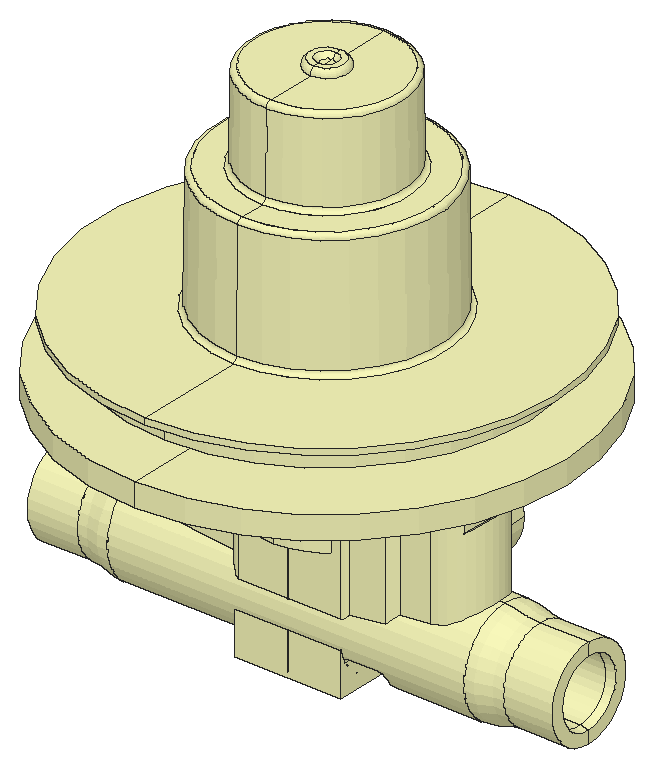
Revit family "S261BODY_ZV-1967", category Plumbing Fixtures, host Face, Revit 2019
Family settings
  Host = Face
  Round Connector Dimension = Use Diameter
  Part Type = Normal
  OmniClass Number = 23.65.55.00
  OmniClass Title = Distribution of Supplied Liquids/Gases
  Cut with Voids When Loaded = No
  Shared = No
  Room Calculation Point = No
Parameters (values of type "Satin Nickel")
  zz Text 2 = "None Selected"
  zz Text 1 = "None Selected"
  zz Length 9 [instance] = 4.000"  # constant formula
  zz Length 10 [instance] = 0.100"
  URL = "http://www.symmons.com/"
  Product Page URL = "http://www.symmons.com/Bathroom-Products/Dia/Symmons-Dia-Shower-Valve-3500-CYL-B.aspx"
  Product Material = Nickel - Symmons - Satin
  Product Documentation Link = "http://www.symmons.com/~/media/Files/Symmons/Products/Dia/3500CYL_Dia_sub.pdf"
  Part Number [instance] = Model  # "3500-CYL-B-STN"
  Part Description [instance] = Description  # "Shower Valve System with Symmons Temptrol mixing valve, Satin Nickel"
  Model Disclaimer = "Contact Symmons Industries, Inc. For More Information"  # constant formula
  Model = "3500-CYL-B-STN"
  Manufacturer = "Symmons Industries, Inc."  # constant formula
  Family Version = "1.0"  # constant formula
  Equipment Number [instance] = ""
  Equipment Abbreviation = "SVS"
  Description = "Shower Valve System with Symmons Temptrol mixing valve, Satin Nickel"
  Default Elevation = 32.000"  # constant formula
  Date Modified = "January 30, 2015"  # constant formula
  Date Created = "January 30, 2015"  # constant formula
  Copyright = "©2015 Symmons Industries, Inc."  # constant formula
Types (2): name | Product Material | Part Number | Part Description | Model | Description
  Chrome | Chrome - Symmons - Polished | "3500-CYL-B" | "Shower Valve System with Symmons Temptrol mixing valve,Chrome" | "3500-CYL-B" | "Shower Valve System with Symmons Temptrol mixing valve,Chrome"
  Satin Nickel | Nickel - Symmons - Satin | "3500-CYL-B-STN" | "Shower Valve System with Symmons Temptrol mixing valve, Satin Nickel" | "3500-CYL-B-STN" | "Shower Valve System with Symmons Temptrol mixing valve, Satin Nickel"
Reference planes (in)
  plane 1 "Center (Front/Back)": y = 0
  plane 2 "Center (Elevation)": z = 0
  plane 3 "Center (Left/Right)": x = 0
  plane 4: x = -2
  plane 5: y = 3.75
  plane 6: y = -3.75
  plane 7: x = 2
  plane 8: z = 0
  plane 9: x = 0.28006
  plane 10: x = -0.28006
  plane 11: y = -5.75
Forms (in)
  Revolve 1, solid, material "Nickel - Symmons - Satin" <- "Product Material"
    sketch origin (0, 0, 0) x (0, 1, 0) y (0, 0, 1)
      loop
        line (0, 2.21646) -> (-0.06803, 2.21646) -> (-0.11007, 2.2585) -> (-0.16644, 2.2585)
        spline (-0.16644, 2.2585) -> (-0.17219, 2.25393) -> (-0.17745, 2.24916) -> (-0.1822, 2.24419) -> (-0.18645, 2.23901) -> (-0.1902, 2.23363) -> (-0.19345, 2.22805) -> (-0.1962, 2.22226) -> (-0.19845, 2.21627) -> (-0.20021, 2.21008) -> (-0.20146, 2.20368) -> (-0.20221, 2.19708) -> (-0.20246, 2.19028)
        line (-0.20246, 2.19028) -> (-0.70043, 2.19028)
        arc (-0.70043, 2.19028) -> (-0.73555, 2.17573) -> (-0.7501, 2.14061) r 0.04967
        line (-0.7501, 2.14061) -> (-0.75627, 1.36063)
        arc (-0.75627, 1.36063) -> (-0.76874, 1.32795) -> (-0.79876, 1.31) r 0.05341
        line (-0.79876, 1.31) -> (-1.05243, 1.31)
        arc (-1.05243, 1.31) -> (-1.08764, 1.29542) -> (-1.10222, 1.26022) r 0.04978
        line (-1.10222, 1.26022) -> (-1.11339, 0.10988)
        arc (-1.11339, 0.10988) -> (-1.12597, 0.07687) -> (-1.15702, 0.06) r 0.05089
        line (-1.15702, 0.06) -> (-2.25, 0.06) -> (-2.25, 0) -> (-2, 0) -> (-2, -0.25) -> (-0.78161, -0.25) -> (-0.78161, -0.4561) -> (-2.375, -0.4561) -> (-2.375, -0.6861) -> (-1.27892, -0.6861) -> (-1.27892, -1.0061) -> (-0.65331, -1.0061) -> (-0.65331, -1.7561) -> (-0.48861, -1.82677) -> (-0.48861, -2.96527) -> (0, -2.96527) -> (0, 2.21646)
      axis (0, -2.96527) -> (0, 2.2585)
    angle from 0 to 360
  Revolve 2, solid, material "Nickel - Symmons - Satin" <- "Product Material"
    sketch origin (0, 0, 0) x (1, 0, 0) y (0, 0, 1)
      loop
        line (2.02835, -2.45527) -> (-2.04115, -2.45527) -> (-2.04115, -2.76977) -> (-2.52165, -2.76977) -> (-2.60115, -2.78522) -> (-2.60115, -2.90566) -> (-2.10994, -2.90566)
        spline (-2.10994, -2.90566) -> (-2.07152, -2.90678) -> (-2.03836, -2.90988) -> (-2.00943, -2.91457) -> (-1.98368, -2.92049) -> (-1.96006, -2.92724) -> (-1.93754, -2.93444) -> (-1.91507, -2.94171) -> (-1.89161, -2.94863) -> (-1.86611, -2.95475) -> (-1.83753, -2.95966) -> (-1.80484, -2.96293) -> (-1.76698, -2.96411)
        line (-1.76698, -2.96411) -> (1.75917, -2.96411)
        spline (1.75917, -2.96411) -> (1.79703, -2.96293) -> (1.82972, -2.95966) -> (1.8583, -2.95475) -> (1.8838, -2.94863) -> (1.90726, -2.94171) -> (1.92973, -2.93444) -> (1.95225, -2.92724) -> (1.97587, -2.92049) -> (2.00162, -2.91457) -> (2.03055, -2.90988) -> (2.06371, -2.90678) -> (2.10213, -2.90566)
        line (2.10213, -2.90566) -> (2.58835, -2.90566) -> (2.58835, -2.78522) -> (2.50884, -2.76977) -> (2.02835, -2.76977) -> (2.02835, -2.45527)
      axis (2.58835, -2.45527) -> (-2.60115, -2.45527)
    angle from 0 to 360
  Extrusion 3, void
    sketch origin (0, 0, 0) x (1, 0, 0) y (0, 0, 1)
      loop
        arc (0.93457, -2.72389) -> (0.91633, -2.67984) -> (0.87227, -2.66159) r 0.0623
        line (0.87227, -2.66159) -> (0.58472, -2.66159)
        arc (0.58472, -2.66159) -> (0.54184, -2.67935) -> (0.52408, -2.72223) r 0.06064
        line (0.52408, -2.72223) -> (0.52408, -3.21367) -> (0.99621, -3.21367) -> (0.99621, -2.97122)
        arc (0.99621, -2.97122) -> (0.95263, -2.95317) -> (0.93457, -2.90958) r 0.06164
        line (0.93457, -2.90958) -> (0.93457, -2.72389)
    from -0.82252 to 0.94587
  Revolve 4, solid, material "Nickel - Symmons - Satin" <- "Product Material"
    sketch origin (0, 0, -2.45527) x (1, 0, 0) y (0, 1, 0)
      loop
        line (-0.32837, 1.84335) -> (-0.46704, 1.84335) -> (-0.52802, 0.48861) -> (0, 0.48861) -> (0, 1.28335) -> (-0.3145, 1.28335) -> (-0.3145, 1.76466) -> (-0.32837, 1.84335)
      axis (0, 0.48861) -> (0, 1.84335)
    angle from 0 to 360
  Extrusion 5, solid, material "Nickel - Symmons - Satin" <- "Product Material"
    sketch origin (0, 0, 0) x (1, 0, 0) y (0, 1, 0)
      loop
        line (0.52451, 0.48861) -> (-0.52451, 0.48861) -> (-0.52451, -0.48861) -> (0.52451, -0.48861) -> (0.52451, 0.48861)
    from -3.01944 to -2.50607
  Extrusion 6, solid, material "Nickel - Symmons - Satin" <- "Product Material"
    sketch origin (0, 0, 0) x (0, 1, 0) y (0, 0, 1)
      loop
        spline (1.12907, -1.24948) -> (1.12122, -1.19041) -> (1.10873, -1.13601) -> (1.0916, -1.08628) -> (1.06983, -1.04122) -> (1.04341, -1.00084) -> (1.01235, -0.96512) -> (0.97665, -0.93407) -> (0.9363, -0.9077) -> (0.89131, -0.88599) -> (0.84168, -0.86896) -> (0.7874, -0.85659) -> (0.72849, -0.8489)
        line (0.72849, -0.8489) -> (0.48861, -0.8489) -> (0.48861, -2.18107) -> (1.18094, -2.18107)
        arc (1.18094, -2.18107) -> (1.14239, -2.10916) -> (1.12907, -2.02867) r 0.24979
        line (1.12907, -2.02867) -> (1.12907, -1.24948)
    from -0.44846 to 0.41835
  Extrusion 7, solid, material "Nickel - Symmons - Satin" <- "Product Material"
    sketch origin (0, 0, 0) x (1, 0, 0) y (0, 1, 0)
      loop
        arc (-1.36, 0.35575) -> (-1.71575, 0) -> (-1.36, -0.35575) r 0.35575
        line (-1.36, -0.35575) -> (-0.58109, -0.39657)
        arc (-0.58109, -0.39657) -> (-0.54948, -0.45911) -> (-0.48592, -0.48861) r 0.10683
        line (-0.48592, -0.48861) -> (0.52451, -0.48861)
        arc (0.52451, -0.48861) -> (0.55902, -0.48425) -> (0.59137, -0.47142) r 0.13855
        line (0.59137, -0.47142) -> (0.93948, -0.45317) -> (1.03901, -0.3957) -> (1.33, -0.38045)
        arc (1.33, -0.38045) -> (1.71045, 0) -> (1.33, 0.38045) r 0.38045
        line (1.33, 0.38045) -> (1.03901, 0.3957) -> (0.93948, 0.45317) -> (0.59137, 0.47142)
        arc (0.59137, 0.47142) -> (0.55902, 0.48425) -> (0.52451, 0.48861) r 0.13855
        line (0.52451, 0.48861) -> (-0.48592, 0.48861)
        arc (-0.48592, 0.48861) -> (-0.54948, 0.45911) -> (-0.58109, 0.39657) r 0.10683
        line (-0.58109, 0.39657) -> (-1.36, 0.35575)
    from -2.50607 to -0.6861
  Extrusion 8, void
    sketch origin (0, 0, 0) x (1, 0, 0) y (0, 0, 1)
      loop
        line (-0.94512, -1.3103) -> (-0.94512, -1.3945)
        arc (-0.94512, -1.3945) -> (-0.92757, -1.43687) -> (-0.8852, -1.45442) r 0.05992
        line (-0.8852, -1.45442) -> (-0.70999, -1.45442)
        arc (-0.70999, -1.45442) -> (-0.67066, -1.43813) -> (-0.65436, -1.39879) r 0.05563
        line (-0.65436, -1.39879) -> (-0.65436, -1.0061) -> (-1.03448, -1.0061) -> (-1.03448, -1.26752)
        arc (-1.03448, -1.26752) -> (-0.97632, -1.26076) -> (-0.94512, -1.3103) r 0.05492
    from -0.53945 to 0.69208
  Extrusion 9, solid, material "Nickel - Symmons - Satin" <- "Product Material"
    sketch origin (-0.09375, -0.34375, 0) x (0.969274, -0.245985, 0) y (0, 0, 1)
      loop
        line (-1.55248, -0.6861) -> (-2.29197, -0.6861) -> (-1.55248, -1.31139) -> (-1.55248, -0.6861)
    from -0.24314 to -0.18365
  Extrusion 10, solid, material "Nickel - Symmons - Satin" <- "Product Material"
    sketch origin (-0.09375, 0.34375, 0) x (0.969274, 0.245985, 0) y (0, 0, -1)
      loop
        line (-1.55248, 0.6861) -> (-1.55248, 1.31139) -> (-2.29197, 0.6861) -> (-1.55248, 0.6861)
    from -0.24314 to -0.18365
  Extrusion 11, solid, material "Nickel - Symmons - Satin" <- "Product Material"
    sketch origin (0.09375, -0.34375, 0) x (-0.969274, -0.245985, 0) y (0, 0, -1)
      loop
        line (-1.55248, 0.6861) -> (-1.55248, 1.31139) -> (-2.29197, 0.6861) -> (-1.55248, 0.6861)
    from -0.24314 to -0.18365
  Extrusion 12, solid, material "Nickel - Symmons - Satin" <- "Product Material"
    sketch origin (0.09375, 0.34375, 0) x (-0.969274, 0.245985, 0) y (0, 0, 1)
      loop
        line (-1.55248, -0.6861) -> (-2.29197, -0.6861) -> (-1.55248, -1.31139) -> (-1.55248, -0.6861)
    from -0.24314 to -0.18365
  Extrusion 13, solid, material "Nickel - Symmons - Satin" <- "Product Material"
    sketch origin (0, 0, 0) x (1, 0, 0) y (0, 0, 1)
      loop
        line (0.5189, -2.553) -> (1.00281, -2.553)
        arc (1.00281, -2.553) -> (1.04164, -2.53691) -> (1.05773, -2.49808) r 0.05492
        line (1.05773, -2.49808) -> (1.05773, -2.41246)
        arc (1.05773, -2.41246) -> (1.04164, -2.37362) -> (1.00281, -2.35754) r 0.05492
        line (1.00281, -2.35754) -> (0.5189, -2.35754)
        arc (0.5189, -2.35754) -> (0.52802, -2.45527) -> (0.5189, -2.553) r 0.52802
      loop
        arc (-0.5189, -2.553) -> (-0.52802, -2.45527) -> (-0.5189, -2.35754) r 0.52802
        line (-0.5189, -2.35754) -> (-1.00281, -2.35754)
        arc (-1.00281, -2.35754) -> (-1.04164, -2.37362) -> (-1.05773, -2.41246) r 0.05492
        line (-1.05773, -2.41246) -> (-1.05773, -2.49808)
        arc (-1.05773, -2.49808) -> (-1.04164, -2.53691) -> (-1.00281, -2.553) r 0.05492
        line (-1.00281, -2.553) -> (-0.5189, -2.553)
    from -0.88244 to -0.49553
  Extrusion 14, void
    sketch origin (0, 0, 0) x (1, 0, 0) y (0, 1, 0)
      loop
        circle (-0.8499, 0.73145) r 0.08989
      loop
        circle (0.8499, 0.73145) r 0.08989
    from -2.66159 to -2.18107
Cuts and joins
  Extrusion 3 cuts Revolve 2
  Extrusion 8 cuts Extrusion 7
  joined: Revolve 2, Extrusion 6, Extrusion 7, Extrusion 9, Extrusion 10, Extrusion 11, Extrusion 12
  Extrusion 14 cuts Extrusion 13
Lines and regions (in)
  model lines
    curve 1: line (0, -2.30436, 0) -> (0, 2.30436, 0)
Dimensions and locks (in)
  equal spacing: plane 4, plane 3 "Center (Left/Right)", plane 7
  "zz Length 9": plane 4 to plane 7
  equal spacing: plane 5, plane 1 "Center (Front/Back)", plane 6
  locked: plane 5 to plane 6 at 7.5
  equal spacing: plane 10, plane 3 "Center (Left/Right)", plane 9
  locked: plane 10 to plane 9 at 0.56011
  locked: plane 6 to plane 11 at 2
  aligned and locked: plane 2 "Center (Elevation)" to host face
  aligned and locked: level to host face
Automatic sketch dimensions
  curve 1 to plane 3 "Center (Left/Right)" = 0.000"
  plane 6 to curve 1 = 1.44564"
  curve 1 to plane 5 = 1.44564"
  host sketch curve to host sketch curve = 4.000"  (x2)
  Revolve 1 sketch curve to level = 0.000"
  Revolve 1 sketch curve to plane 1 "Center (Front/Back)" = 0.000"  (x2)
  plane 1 "Center (Front/Back)" to Revolve 1 sketch curve = 0.06803"
  Revolve 1 sketch curve to Revolve 1 sketch curve = 0.04204"
  Revolve 1 sketch curve to Revolve 1 sketch curve = 0.05637"
  Revolve 1 sketch curve to Revolve 1 sketch curve = 0.03602"
  plane 1 "Center (Front/Back)" to Revolve 1 sketch curve = 0.48861"
  Revolve 1 sketch curve to Revolve 1 sketch curve = 0.16469"
  Revolve 1 sketch curve to Revolve 1 sketch curve = 0.49797"
  Revolve 1 sketch curve to Revolve 1 sketch curve = 0.04967"
  plane 1 "Center (Front/Back)" to Revolve 1 sketch curve = 0.75627"
  Revolve 1 sketch curve to level = 0.250"
  Revolve 1 sketch curve to Revolve 1 sketch curve = 0.12831"
  Revolve 1 sketch curve to Revolve 1 sketch curve = 0.04249"
  Revolve 1 sketch curve to Revolve 1 sketch curve = 0.01089"
  Revolve 1 sketch curve to Revolve 1 sketch curve = 0.25367"
  Revolve 1 sketch curve to Revolve 1 sketch curve = 0.04978"
  level to Revolve 1 sketch curve = 0.10988"
  Revolve 1 sketch curve to Revolve 1 sketch curve = 0.33177"
  Revolve 1 sketch curve to Revolve 1 sketch curve = 0.04363"
  Revolve 1 sketch curve to Revolve 1 sketch curve = 0.05089"
  Revolve 1 sketch curve to Revolve 1 sketch curve = 0.62562"
  Revolve 1 sketch curve to Revolve 1 sketch curve = 0.72108"
  Revolve 1 sketch curve to Revolve 1 sketch curve = 0.250"  (x2)
  Revolve 1 sketch curve to Revolve 1 sketch curve = 0.375"
  Revolve 1 sketch curve to Revolve 1 sketch curve = 0.2061"
  Revolve 1 sketch curve to Revolve 1 sketch curve = 0.230"
  Revolve 1 sketch curve to Revolve 1 sketch curve = 0.550"
  Revolve 1 sketch curve to Revolve 1 sketch curve = 0.750"
  Revolve 1 sketch curve to Revolve 1 sketch curve = 0.07067"
  Revolve 1 sketch curve to Revolve 1 sketch curve = 1.13849"
  level to Revolve 1 sketch curve = 0.060"
  Revolve 1 sketch curve to Revolve 1 sketch curve = 1.15034"
  Revolve 1 sketch curve to Revolve 1 sketch curve = 0.05063"
  Revolve 1 sketch curve to Revolve 1 sketch curve = 0.77997"
  Revolve 1 sketch curve to Revolve 1 sketch curve = 0.02618"
  Revolve 1 sketch curve to Revolve 1 sketch curve = 0.06822"
  Revolve 1 sketch curve to Revolve 1 sketch curve = 0.06846"
  plane 9 to Extrusion 3 sketch curve = 0.24402"
  Extrusion 3 sketch curve to Extrusion 3 sketch curve = 0.06064"
  Extrusion 3 sketch curve to Extrusion 3 sketch curve = 0.28755"
  Extrusion 3 sketch curve to Extrusion 3 sketch curve = 0.0623"
  Extrusion 3 sketch curve to Extrusion 3 sketch curve = 0.06164"
  Extrusion 3 sketch curve to level = 3.21367"
  Extrusion 3 sketch curve to Extrusion 3 sketch curve = 0.24245"
  Extrusion 3 sketch curve to Extrusion 3 sketch curve = 0.18569"
  Revolve 4 sketch curve to plane 3 "Center (Left/Right)" = 0.000"  (x2)
  Revolve 4 sketch curve to plane 10 = 0.03444"
  Revolve 4 sketch curve to plane 10 = 0.04832"
  Revolve 4 sketch curve to Revolve 4 sketch curve = 0.13867"
  Revolve 4 sketch curve to plane 10 = 0.24797"
  Revolve 4 sketch curve to plane 1 "Center (Front/Back)" = 0.48861"
  Revolve 4 sketch curve to Revolve 4 sketch curve = 0.79473"
  Revolve 4 sketch curve to Revolve 4 sketch curve = 0.48132"
  Revolve 4 sketch curve to Revolve 4 sketch curve = 0.07868"
  Revolve 4 sketch curve to Revolve 4 sketch curve = 0.2968"
  Revolve 4 sketch curve to Revolve 4 sketch curve = 0.07469"
  Extrusion 5 sketch curve to plane 10 = 0.24445"
  plane 9 to Extrusion 5 sketch curve = 0.24445"
  plane 1 "Center (Front/Back)" to Extrusion 5 sketch curve = 0.48861"
  Extrusion 5 sketch curve to plane 1 "Center (Front/Back)" = 0.48861"
  Extrusion 6 sketch curve to plane 1 "Center (Front/Back)" = 0.48861"
  Extrusion 6 sketch curve to Extrusion 6 sketch curve = 0.23987"
  Extrusion 6 sketch curve to Extrusion 6 sketch curve = 0.64045"
  Extrusion 6 sketch curve to Extrusion 6 sketch curve = 0.05188"
  Extrusion 6 sketch curve to Extrusion 6 sketch curve = 0.19792"
  Extrusion 6 sketch curve to level = 2.18107"
  Extrusion 6 sketch curve to Extrusion 6 sketch curve = 0.77919"
  Extrusion 6 sketch curve to Extrusion 6 sketch curve = 0.40058"
  plane 1 "Center (Front/Back)" to Extrusion 7 sketch curve = 0.000"  (x2)
  Extrusion 7 sketch curve to plane 1 "Center (Front/Back)" = 0.35575"
  Extrusion 7 sketch curve to plane 10 = 1.07994"
  Extrusion 7 sketch curve to plane 10 = 0.30104"  (x2)
  Extrusion 7 sketch curve to Extrusion 7 sketch curve = 0.09517"  (x2)
  Extrusion 7 sketch curve to Extrusion 7 sketch curve = 0.01071"
  Extrusion 7 sketch curve to Extrusion 7 sketch curve = 0.10588"
  plane 9 to Extrusion 7 sketch curve = 0.24445"  (x2)
  Extrusion 7 sketch curve to Extrusion 7 sketch curve = 0.06686"  (x2)
  Extrusion 7 sketch curve to Extrusion 7 sketch curve = 0.34811"  (x2)
  Extrusion 7 sketch curve to Extrusion 7 sketch curve = 0.09954"  (x2)
  Extrusion 7 sketch curve to plane 1 "Center (Front/Back)" = 0.38045"
  Extrusion 7 sketch curve to Extrusion 7 sketch curve = 0.29099"
  plane 1 "Center (Front/Back)" to Extrusion 7 sketch curve = 0.38232"
  Extrusion 7 sketch curve to Extrusion 7 sketch curve = 0.01525"  (x2)
  Extrusion 7 sketch curve to Extrusion 7 sketch curve = 0.01425"  (x2)
  Extrusion 7 sketch curve to Extrusion 7 sketch curve = 0.05747"  (x2)
  Extrusion 7 sketch curve to Extrusion 7 sketch curve = 0.0172"
  Extrusion 7 sketch curve to plane 1 "Center (Front/Back)" = 0.35006"
  Extrusion 7 sketch curve to plane 1 "Center (Front/Back)" = 0.38232"
  Extrusion 8 sketch curve to plane 10 = 0.75443"
  Extrusion 8 sketch curve to Extrusion 8 sketch curve = 0.03444"
  Extrusion 8 sketch curve to Extrusion 8 sketch curve = 0.05492"
  Extrusion 8 sketch curve to Extrusion 8 sketch curve = 0.05992"
  Extrusion 8 sketch curve to Extrusion 8 sketch curve = 0.1752"
  Extrusion 8 sketch curve to plane 10 = 0.37431"
  Extrusion 8 sketch curve to level = 1.45442"
  Extrusion 8 sketch curve to Extrusion 8 sketch curve = 0.0842"
  Extrusion 8 sketch curve to Extrusion 8 sketch curve = 0.26142"
  Extrusion 9 sketch curve to level = 0.6861"
  Extrusion 9 sketch curve to level = 1.31139"
  Extrusion 9 sketch curve to Extrusion 9 sketch curve = 0.73949"
  Extrusion 10 sketch curve to level = 0.6861"
  Extrusion 10 sketch curve to level = 1.31139"
  Extrusion 10 sketch curve to Extrusion 10 sketch curve = 0.73949"
  Extrusion 11 sketch curve to level = 0.6861"
  Extrusion 11 sketch curve to level = 1.31139"
  Extrusion 11 sketch curve to Extrusion 11 sketch curve = 0.73949"
  Extrusion 12 sketch curve to level = 0.6861"
  Extrusion 12 sketch curve to level = 1.31139"
  Extrusion 12 sketch curve to Extrusion 12 sketch curve = 0.73949"
  Revolve 2 sketch curve to plane 4 = 0.60115"
  Revolve 2 sketch curve to Revolve 2 sketch curve = 0.07951"  (x2)
  Revolve 2 sketch curve to Revolve 2 sketch curve = 0.41171"
  Revolve 2 sketch curve to Revolve 2 sketch curve = 0.06879"
  Revolve 2 sketch curve to Revolve 2 sketch curve = 0.27417"
  plane 9 to Revolve 2 sketch curve = 1.47911"
  Revolve 2 sketch curve to Revolve 2 sketch curve = 0.26918"
  Revolve 2 sketch curve to Revolve 2 sketch curve = 0.07378"
  Revolve 2 sketch curve to Revolve 2 sketch curve = 0.40671"
  Revolve 2 sketch curve to level = 2.96411"
  Revolve 2 sketch curve to Revolve 2 sketch curve = 0.05845"  (x2)
  Revolve 2 sketch curve to Revolve 2 sketch curve = 0.12044"  (x2)
  Revolve 2 sketch curve to Revolve 2 sketch curve = 0.01545"
  Revolve 2 sketch curve to Revolve 2 sketch curve = 0.13589"
  Revolve 2 sketch curve to Revolve 2 sketch curve = 0.3145"
  Revolve 2 sketch curve to Revolve 2 sketch curve = 0.75868"
  Revolve 2 sketch curve to Revolve 2 sketch curve = 0.45875"
  Revolve 2 sketch curve to Revolve 2 sketch curve = 0.000"
  Extrusion 13 sketch curve to Extrusion 13 sketch curve = 0.000"  (x7)
  Extrusion 13 sketch curve to plane 3 "Center (Left/Right)" = 0.000"
  Extrusion 13 sketch curve to plane 10 = 0.23885"
  Extrusion 13 sketch curve to Extrusion 13 sketch curve = 0.48391"  (x2)
  Extrusion 13 sketch curve to Extrusion 13 sketch curve = 0.05492"  (x2)
  plane 9 to Extrusion 13 sketch curve = 0.23885"
  Extrusion 13 sketch curve to level = 2.553"
  Extrusion 13 sketch curve to Extrusion 13 sketch curve = 0.09773"
  Extrusion 14 sketch curve to plane 10 = 0.56984"
  plane 9 to Extrusion 14 sketch curve = 0.56984"
  Extrusion 14 sketch curve to plane 1 "Center (Front/Back)" = 0.73145"  (x2)
  radius of Extrusion 14 sketch curve = 0.08989"  (x2)
Connectors (in)
  piping at (2.58835, 0, -2.45527), diameter 0.5
    settings: on cut or joined group 1 (Revolve 2, Extrusion 3, Extrusion 6, Extrusion 7, Extrusion 8, Extrusion 9, Extrusion 10, Extrusion 11, Extrusion 12), index 1, connector inside diameter 24", connector length 0.000", flow factor 0, pipe flow 0 GPM, pressure drop 0.00 psi, fitting loss kfactor 0, connector angle 0.000°, fixture units 0, engagement length 0.000", angle of deflection 0.000°, flow configuration 0, flow direction 0, fitting loss method 0, system type 20, joint type 0, gender type 0, connector reference index -1, connector utility 0, adjustable connector no, is connector primary yes, connector description "Cold Water Supply"
  piping at (-2.60115, 0, -2.45527), diameter 0.5
    settings: on cut or joined group 1, index 2, connector inside diameter 24", connector length 0.000", flow factor 0, pipe flow 0 GPM, pressure drop 0.00 psi, fitting loss kfactor 0, connector angle 0.000°, fixture units 0, engagement length 0.000", angle of deflection 0.000°, flow configuration 0, flow direction 0, fitting loss method 0, system type 19, joint type 0, gender type 0, connector reference index -1, connector utility 0, adjustable connector no, is connector primary no, connector description "Hot Water Supply"
  piping at (0, 1.84335, -2.45527), diameter 0.5
    settings: on Revolve 4, index 3, connector inside diameter 24", connector length 0.000", flow factor 0, pipe flow 0 GPM, pressure drop 0.00 psi, fitting loss kfactor 0, connector angle 0.000°, fixture units 0, engagement length 0.000", angle of deflection 0.000°, flow configuration 0, flow direction 0, fitting loss method 0, system type 22, joint type 0, gender type 0, connector reference index -1, connector utility 0, adjustable connector no, is connector primary no, connector description "Mixed Water Out"
